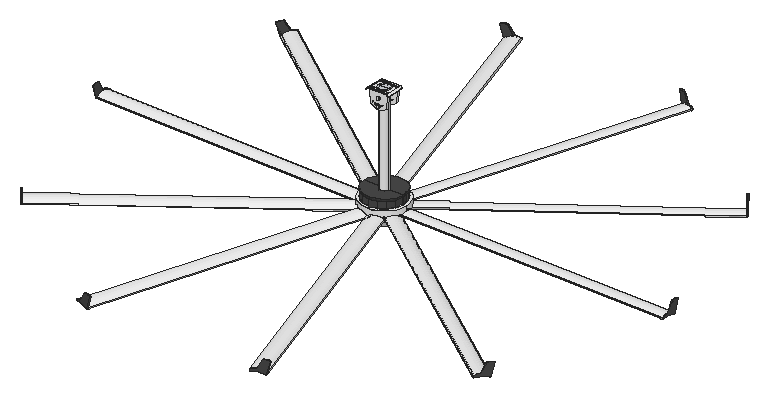
Revit family
Parameters
  Ceiling Mount Material = none
Reference planes (in)
  plane 1 "Center (Front/Back)": y = 0
  plane 2: z = 0
  plane 3 "Center (Left/Right)": x = 0
  plane 4: through (-0.00011, -0.01486, -47.875) normal (-0.7071, 0.7071, 0)
  plane 5: through (-0.00011, -0.01486, -47.875) normal (-0.7071, -0.7071, 0)
  plane 6: through (-0.00011, -0.01486, -47.875) normal (0.7071, 0.7071, 0)
  plane 7: through (-0.00011, -0.01486, -47.875) normal (0.7071, -0.7071, 0)
  plane 8: through (-0.00011, -0.01486, -47.875) normal (-0.9239, 0.3827, 0)
  plane 9: through (-0.00011, -0.01486, -47.875) normal (-0.9239, -0.3827, 0)
  plane 10: through (-0.00011, -0.01486, -47.875) normal (0.9239, 0.3827, 0)
  plane 11: through (-0.00011, -0.01486, -47.875) normal (0.9239, -0.3827, 0)
  plane 12: through (-0.00011, -0.01486, -47.875) normal (-0.3827, 0.9239, 0)
  plane 13: through (-0.00011, -0.01486, -47.875) normal (0.3827, 0.9239, 0)
  plane 14: through (-0.00011, -0.01486, -47.875) normal (-0.3827, -0.9239, 0)
  plane 15: through (-0.00011, -0.01486, -47.875) normal (0.3827, -0.9239, 0)
Forms (in)
  Revolve 1, solid, material <- "Ceiling Mount Material"
    sketch origin (-0.00011, -0.01486, -96) x (1, 0, 0) y (0, 0, 1)
      loop
        line (0, 96) -> (-2.40625, 96) -> (-2.40625, 94.72313) -> (0, 93.60108) -> (0, 96)
      axis (0, 96) -> (0, 93.60108)
    angle from 0 to 360
  Extrusion 2, solid, material "Metal - Chrome"
    sketch origin (-0.00011, -0.01486, -95.875) x (1, 0, 0) y (0, 1, 0)
      loop
        circle (0, 0) r 9.5
      loop
        circle (0, 0) r 8.5
    from 50.92047 to 53.3206
  Extrusion 3, solid, material "Metal - Chrome 3"
    sketch origin (-0.00011, -0.01486, -95.875) x (1, 0, 0) y (0, 1, 0)
      loop
        circle (0, 0) r 7
      loop
        line (-8.21166, 0) -> (-7.00909, -2.90326) -> (-7.58658, -3.14246) -> (-5.36452, -5.36452) -> (-5.80652, -5.80652) -> (-2.90326, -7.00909) -> (-3.14246, -7.58658) -> (0, -7.58658) -> (0, -8.21166) -> (2.90326, -7.00909) -> (3.14246, -7.58658) -> (5.36452, -5.36452) -> (5.80652, -5.80652) -> (7.00909, -2.90326) -> (7.58658, -3.14246) -> (7.58658, 0) -> (8.21166, 0) -> (7.00909, 2.90326) -> (7.58658, 3.14246) -> (5.36452, 5.36452) -> (5.80652, 5.80652) -> (2.90326, 7.00909) -> (3.14246, 7.58658) -> (0, 7.58658) -> (0, 8.21166) -> (-2.90326, 7.00909) -> (-3.14246, 7.58658) -> (-5.36452, 5.36452) -> (-5.83363, 5.83363) -> (-7.00909, 2.90326) -> (-7.58658, 3.14246) -> (-7.58658, 0) -> (-8.21166, 0)
    from 53.3206 to 56.42047
  Revolve 4, solid, material "Metal - Chrome 1"
    sketch origin (-0.00011, -0.01486, -95.875) x (1, 0, 0) y (0, 0, 1)
      loop
        arc (-9.5, 49.14541) -> (-5.43697, 45.34356) -> (-0.01159, 44.10761) r 10.65771
        line (-0.01159, 44.10761) -> (-0.01159, 49.14541) -> (-9.5, 49.14541)
      axis (0, 49.14541) -> (0, 44.10761)
    angle from 0 to 360
  Revolve 5, solid, material "Metal - Chrome 3"
    sketch origin (-0.00011, -0.01486, -95.9375) x (1, 0, 0) y (0, 0, 1)
      loop
        line (-3.2881, 44.56611) -> (-3.2881, 44.37399) -> (-2.75325, 44.37399)
        arc (-2.75325, 44.37399) -> (-1.39585, 44.04374) -> (0, 43.98704) r 7.06499
        line (0, 43.98704) -> (0, 44.56611) -> (-3.2881, 44.56611)
      axis (0, 44.56611) -> (0, 43.98704)
    angle from 0 to 360
  Revolve 6, solid, material "Metal - Chrome 3"
    sketch origin (-0.00011, -0.01486, -95.875) x (1, 0, 0) y (0, 0, 1)
      loop
        line (-8.0625, 56.47507) -> (0, 56.47507) -> (0, 57.12611) -> (-8.48529, 57.12611)
        arc (-8.48529, 57.12611) -> (-8.38748, 56.72683) -> (-8.0625, 56.47507) r 0.62391
      axis (0, 57.12611) -> (0, 56.47507)
    angle from 0 to 360
  Extrusion 7, solid, material "Metal - Chrome 2"
    sketch origin (-0.00011, -0.01486, -96) x (1, 0, 0) y (0, 1, 0)
      loop
        circle (0, 0) r 2
      loop
        circle (0, 0) r 1.75
    from 53.3206 to 95.78091
  Extrusion 8, solid, material "Metal - Chrome 2"
    sketch origin (-0.00011, -0.01486, -96) x (1, 0, 0) y (0, 0, 1)
      loop
        line (-4.80927, 95.25058) -> (-4.63249, 95.0738) -> (-3.92538, 95.78091) -> (3.94629, 95.78091) -> (4.64295, 95.08425) -> (4.81972, 95.26103) -> (4.08075, 96) -> (-4.05984, 96) -> (-4.80927, 95.25058)
    from -3.60387 to 3.73167
  Extrusion 9, solid, material "Metal - Chrome 2"
    sketch origin (-0.00011, -0.01486, -96) x (1, 0, 0) y (0, 0, 1)
      loop
        line (-3.97662, 96) -> (-3.97662, 94.75) -> (-3.37771, 89.87223)
        arc (-3.37771, 89.87223) -> (-0.00678, 88.52676) -> (3.36415, 89.87223) r 4.8955
        line (3.36415, 89.87223) -> (3.94303, 94.58682) -> (3.94303, 96) -> (-3.97662, 96)
      loop
        arc (-1.92245, 91.01505) -> (-2.32161, 90.98032) -> (-2.28376, 90.58144) r 0.28222
        arc (-2.28376, 90.58144) -> (0.0022, 89.65625) -> (2.28692, 90.58451) r 3.28125
        arc (2.28692, 90.58451) -> (2.31915, 90.9574) -> (1.95474, 91.04279) r 0.28596
        arc (1.95474, 91.04279) -> (0.02129, 90.31067) -> (-1.92245, 91.01505) r 2.97538
    from 2.4684 to 3.00597
  Extrusion 10, solid, material "Metal - Chrome 2"
    sketch origin (-0.00011, -0.01486, -96) x (1, 0, 0) y (0, 0, 1)
      loop
        line (-3.97662, 96) -> (-3.97662, 94.75) -> (-3.37771, 89.87223)
        arc (-3.37771, 89.87223) -> (-0.00678, 88.52676) -> (3.36415, 89.87223) r 4.8955
        line (3.36415, 89.87223) -> (3.94303, 94.58682) -> (3.94303, 96) -> (-3.97662, 96)
      loop
        arc (-1.92245, 91.01505) -> (-2.32161, 90.98032) -> (-2.28376, 90.58144) r 0.28222
        arc (-2.28376, 90.58144) -> (0.0022, 89.65625) -> (2.28692, 90.58451) r 3.28125
        arc (2.28692, 90.58451) -> (2.31915, 90.9574) -> (1.95474, 91.04279) r 0.28596
        arc (1.95474, 91.04279) -> (0.02129, 90.31067) -> (-1.92245, 91.01505) r 2.97538
    from -2.96317 to -2.45815
  Extrusion 11, solid, material "Metal - Chrome 2"
    sketch origin (-0.00011, -0.01486, -96) x (1, 0, 0) y (0, 0, 1)
      loop
        circle (0, 89.91168) r 0.60835
    from -3.36965 to -2.96317
  Extrusion 12, solid, material "Metal - Chrome 2"
    sketch origin (-0.00011, -0.01486, -92.96875) x (1, 0, 0) y (0, 0, 1)
      loop
        circle (0, 89.91168) r 0.60835
    from -3.36965 to -2.96317
  Extrusion 13, solid, material "Metal - Chrome 2"
    sketch origin (-0.00011, -0.01486, -92.96875) x (1, 0, 0) y (0, 0, 1)
      loop
        circle (0, 89.91168) r 0.60835
    from 3.00597 to 3.44198
  Extrusion 14, solid, material "Metal - Chrome 2"
    sketch origin (-0.00011, -0.01486, -96) x (1, 0, 0) y (0, 0, 1)
      loop
        circle (0, 89.91168) r 0.60835
    from 3.00597 to 3.44198
  Extrusion 15, solid
    sketch origin (-0.00011, -0.01486, -96) x (1, 0, 0) y (0, 0, 1)
      loop
        circle (0, 89.91168) r 0.25
    from -2.45815 to 2.4684
  Extrusion 16, solid
    sketch origin (-0.00011, -0.01486, -92.96875) x (1, 0, 0) y (0, 0, 1)
      loop
        circle (0, 89.91168) r 0.25
    from -2.45815 to 2.4684
  Extrusion 17, solid, material "Metal - Chrome 2"
    sketch origin (-4.12778, -32.54366, -95.875) x (-0.007506, -0.999972, 0) y (0, 0, 1)
      loop
        arc (-29.27109, 49.75227) -> (-29.04889, 49.89467) -> (-29.10156, 50.15328) r 0.23339
        arc (-29.10156, 50.15328) -> (-31.98284, 51.54192) -> (-35.12337, 50.93595) r 5.08611
        arc (-35.12337, 50.93595) -> (-35.22188, 50.63788) -> (-34.93368, 50.51341) r 0.23249
        arc (-34.93368, 50.51341) -> (-32.0514, 50.51215) -> (-29.27109, 49.75227) r 10.85332
    from 3.88785 to 117.80619
  Extrusion 18, solid, material "Metal - Chrome 3"
    sketch origin (-51.64307, 0.4552, -95.875) x (0, -1, 0) y (0, 0, 1)
      loop
        arc (-0.58433, 51.5841) -> (-1.84289, 51.41328) -> (-3.01989, 50.93595) r 5.08611
        arc (-3.01989, 50.93595) -> (-3.1184, 50.63788) -> (-2.8302, 50.51341) r 0.23249
        arc (-2.8302, 50.51341) -> (0.05208, 50.51215) -> (2.83239, 49.75227) r 10.85332
        arc (2.83239, 49.75227) -> (3.03144, 49.85147) -> (3.02967, 50.07387) r 0.20994
        line (3.02967, 50.07387) -> (4.50284, 55.21142)
        arc (4.50284, 55.21142) -> (3.15266, 55.51968) -> (1.7679, 55.49887) r 5.79641
        line (1.7679, 55.49887) -> (-0.58433, 51.5841)
    from 70 to 70.35704
  Extrusion 19, solid, material "Metal - Chrome 2"
    sketch origin (-22.42573, -23.94552, -95.875) x (-0.592633, -0.805473, 0) y (0, 0, 1)
      loop
        arc (-29.27109, 49.75227) -> (-29.04889, 49.89467) -> (-29.10156, 50.15328) r 0.23339
        arc (-29.10156, 50.15328) -> (-31.98284, 51.54192) -> (-35.12337, 50.93595) r 5.08611
        arc (-35.12337, 50.93595) -> (-35.22188, 50.63788) -> (-34.93368, 50.51341) r 0.23249
        arc (-34.93368, 50.51341) -> (-32.0514, 50.51215) -> (-29.27109, 49.75227) r 10.85332
    from 3.88785 to 117.80619
  Extrusion 20, solid, material "Metal - Chrome 3"
    sketch origin (-41.55215, 30.65126, -95.875) x (-0.58657, -0.809898, 0) y (0, 0, 1)
      loop
        arc (-0.58433, 51.5841) -> (-1.84289, 51.41328) -> (-3.01989, 50.93595) r 5.08611
        arc (-3.01989, 50.93595) -> (-3.1184, 50.63788) -> (-2.8302, 50.51341) r 0.23249
        arc (-2.8302, 50.51341) -> (0.05208, 50.51215) -> (2.83239, 49.75227) r 10.85332
        arc (2.83239, 49.75227) -> (3.03144, 49.85147) -> (3.02967, 50.07387) r 0.20994
        line (3.02967, 50.07387) -> (4.50284, 55.21142)
        arc (4.50284, 55.21142) -> (3.15266, 55.51968) -> (1.7679, 55.49887) r 5.79641
        line (1.7679, 55.49887) -> (-0.58433, 51.5841)
    from 70 to 70.35704
  Extrusion 21, solid, material "Metal - Chrome 2"
    sketch origin (-32.2018, -6.24887, -95.875) x (-0.952439, -0.304731, 0) y (0, 0, 1)
      loop
        arc (-29.27109, 49.75227) -> (-29.04889, 49.89467) -> (-29.10156, 50.15328) r 0.23339
        arc (-29.10156, 50.15328) -> (-31.98284, 51.54192) -> (-35.12337, 50.93595) r 5.08611
        arc (-35.12337, 50.93595) -> (-35.22188, 50.63788) -> (-34.93368, 50.51341) r 0.23249
        arc (-34.93368, 50.51341) -> (-32.0514, 50.51215) -> (-29.27109, 49.75227) r 10.85332
    from 3.88785 to 117.80619
  Extrusion 22, solid, material "Metal - Chrome 3"
    sketch origin (-15.66741, 49.18796, -95.875) x (-0.950124, -0.311871, 0) y (0, 0, 1)
      loop
        arc (-0.58433, 51.5841) -> (-1.84289, 51.41328) -> (-3.01989, 50.93595) r 5.08611
        arc (-3.01989, 50.93595) -> (-3.1184, 50.63788) -> (-2.8302, 50.51341) r 0.23249
        arc (-2.8302, 50.51341) -> (0.05208, 50.51215) -> (2.83239, 49.75227) r 10.85332
        arc (2.83239, 49.75227) -> (3.03144, 49.85147) -> (3.02967, 50.07387) r 0.20994
        line (3.02967, 50.07387) -> (4.50284, 55.21142)
        arc (4.50284, 55.21142) -> (3.15266, 55.51968) -> (1.7679, 55.49887) r 5.79641
        line (1.7679, 55.49887) -> (-0.58433, 51.5841)
    from 70 to 70.35704
  Extrusion 23, solid, material "Metal - Chrome 2"
    sketch origin (-29.73909, 13.81797, -95.875) x (-0.950124, 0.311871, 0) y (0, 0, 1)
      loop
        arc (-29.27109, 49.75227) -> (-29.04889, 49.89467) -> (-29.10156, 50.15328) r 0.23339
        arc (-29.10156, 50.15328) -> (-31.98284, 51.54192) -> (-35.12337, 50.93595) r 5.08611
        arc (-35.12337, 50.93595) -> (-35.22188, 50.63788) -> (-34.93368, 50.51341) r 0.23249
        arc (-34.93368, 50.51341) -> (-32.0514, 50.51215) -> (-29.27109, 49.75227) r 10.85332
    from 3.88785 to 117.80619
  Extrusion 24, solid, material "Metal - Chrome 3"
    sketch origin (16.16967, 49.0176, -95.875) x (-0.952439, 0.304731, 0) y (0, 0, 1)
      loop
        arc (-0.58433, 51.5841) -> (-1.84289, 51.41328) -> (-3.01989, 50.93595) r 5.08611
        arc (-3.01989, 50.93595) -> (-3.1184, 50.63788) -> (-2.8302, 50.51341) r 0.23249
        arc (-2.8302, 50.51341) -> (0.05208, 50.51215) -> (2.83239, 49.75227) r 10.85332
        arc (2.83239, 49.75227) -> (3.03144, 49.85147) -> (3.02967, 50.07387) r 0.20994
        line (3.02967, 50.07387) -> (4.50284, 55.21142)
        arc (4.50284, 55.21142) -> (3.15266, 55.51968) -> (1.7679, 55.49887) r 5.79641
        line (1.7679, 55.49887) -> (-0.58433, 51.5841)
    from 70 to 70.35704
  Extrusion 25, solid, material "Metal - Chrome 2"
    sketch origin (-15.97395, 28.62552, -95.875) x (-0.58657, 0.809898, 0) y (0, 0, 1)
      loop
        arc (-29.27109, 49.75227) -> (-29.04889, 49.89467) -> (-29.10156, 50.15328) r 0.23339
        arc (-29.10156, 50.15328) -> (-31.98284, 51.54192) -> (-35.12337, 50.93595) r 5.08611
        arc (-35.12337, 50.93595) -> (-35.22188, 50.63788) -> (-34.93368, 50.51341) r 0.23249
        arc (-34.93368, 50.51341) -> (-32.0514, 50.51215) -> (-29.27109, 49.75227) r 10.85332
    from 3.88785 to 117.80619
  Extrusion 26, solid, material "Metal - Chrome 3"
    sketch origin (41.85454, 30.20494, -95.875) x (-0.592633, 0.805473, 0) y (0, 0, 1)
      loop
        arc (-0.58433, 51.5841) -> (-1.84289, 51.41328) -> (-3.01989, 50.93595) r 5.08611
        arc (-3.01989, 50.93595) -> (-3.1184, 50.63788) -> (-2.8302, 50.51341) r 0.23249
        arc (-2.8302, 50.51341) -> (0.05208, 50.51215) -> (2.83239, 49.75227) r 10.85332
        arc (2.83239, 49.75227) -> (3.03144, 49.85147) -> (3.02967, 50.07387) r 0.20994
        line (3.02967, 50.07387) -> (4.50284, 55.21142)
        arc (4.50284, 55.21142) -> (3.15266, 55.51968) -> (1.7679, 55.49887) r 5.79641
        line (1.7679, 55.49887) -> (-0.58433, 51.5841)
    from 70 to 70.35704
  Extrusion 27, solid, material "Metal - Chrome 2"
    sketch origin (3.8601, 32.54392, -95.875) x (0, 1, 0) y (0, 0, 1)
      loop
        arc (-29.27109, 49.75227) -> (-29.04889, 49.89467) -> (-29.10156, 50.15328) r 0.23339
        arc (-29.10156, 50.15328) -> (-31.98284, 51.54192) -> (-35.12337, 50.93595) r 5.08611
        arc (-35.12337, 50.93595) -> (-35.22188, 50.63788) -> (-34.93368, 50.51341) r 0.23249
        arc (-34.93368, 50.51341) -> (-32.0514, 50.51215) -> (-29.27109, 49.75227) r 10.85332
    from 3.88785 to 117.80619
  Extrusion 28, solid, material "Metal - Chrome 3"
    sketch origin (51.62174, -0.09738, -95.875) x (-0.007506, 0.999972, 0) y (0, 0, 1)
      loop
        arc (-0.58433, 51.5841) -> (-1.84289, 51.41328) -> (-3.01989, 50.93595) r 5.08611
        arc (-3.01989, 50.93595) -> (-3.1184, 50.63788) -> (-2.8302, 50.51341) r 0.23249
        arc (-2.8302, 50.51341) -> (0.05208, 50.51215) -> (2.83239, 49.75227) r 10.85332
        arc (2.83239, 49.75227) -> (3.03144, 49.85147) -> (3.02967, 50.07387) r 0.20994
        line (3.02967, 50.07387) -> (4.50284, 55.21142)
        arc (4.50284, 55.21142) -> (3.15266, 55.51968) -> (1.7679, 55.49887) r 5.79641
        line (1.7679, 55.49887) -> (-0.58433, 51.5841)
    from 70 to 70.35704
  Extrusion 29, solid, material "Metal - Chrome 2"
    sketch origin (22.22207, 24.08336, -95.875) x (0.58657, 0.809898, 0) y (0, 0, 1)
      loop
        arc (-29.27109, 49.75227) -> (-29.04889, 49.89467) -> (-29.10156, 50.15328) r 0.23339
        arc (-29.10156, 50.15328) -> (-31.98284, 51.54192) -> (-35.12337, 50.93595) r 5.08611
        arc (-35.12337, 50.93595) -> (-35.22188, 50.63788) -> (-34.93368, 50.51341) r 0.23249
        arc (-34.93368, 50.51341) -> (-32.0514, 50.51215) -> (-29.27109, 49.75227) r 10.85332
    from 3.88785 to 117.80619
  Extrusion 30, solid, material "Metal - Chrome 3"
    sketch origin (41.75774, -30.36832, -95.875) x (0.580475, 0.814278, 0) y (0, 0, 1)
      loop
        arc (-0.58433, 51.5841) -> (-1.84289, 51.41328) -> (-3.01989, 50.93595) r 5.08611
        arc (-3.01989, 50.93595) -> (-3.1184, 50.63788) -> (-2.8302, 50.51341) r 0.23249
        arc (-2.8302, 50.51341) -> (0.05208, 50.51215) -> (2.83239, 49.75227) r 10.85332
        arc (2.83239, 49.75227) -> (3.03144, 49.85147) -> (3.02967, 50.07387) r 0.20994
        line (3.02967, 50.07387) -> (4.50284, 55.21142)
        arc (4.50284, 55.21142) -> (3.15266, 55.51968) -> (1.7679, 55.49887) r 5.79641
        line (1.7679, 55.49887) -> (-0.58433, 51.5841)
    from 70 to 70.35704
  Extrusion 31, solid, material "Metal - Chrome 2"
    sketch origin (32.13069, 6.46058, -95.875) x (0.950124, 0.311871, 0) y (0, 0, 1)
      loop
        arc (-29.27109, 49.75227) -> (-29.04889, 49.89467) -> (-29.10156, 50.15328) r 0.23339
        arc (-29.10156, 50.15328) -> (-31.98284, 51.54192) -> (-35.12337, 50.93595) r 5.08611
        arc (-35.12337, 50.93595) -> (-35.22188, 50.63788) -> (-34.93368, 50.51341) r 0.23249
        arc (-34.93368, 50.51341) -> (-32.0514, 50.51215) -> (-29.27109, 49.75227) r 10.85332
    from 3.88785 to 117.80619
  Extrusion 32, solid, material "Metal - Chrome 3"
    sketch origin (16.01287, -49.09879, -95.875) x (0.947757, 0.318994, 0) y (0, 0, 1)
      loop
        arc (-0.58433, 51.5841) -> (-1.84289, 51.41328) -> (-3.01989, 50.93595) r 5.08611
        arc (-3.01989, 50.93595) -> (-3.1184, 50.63788) -> (-2.8302, 50.51341) r 0.23249
        arc (-2.8302, 50.51341) -> (0.05208, 50.51215) -> (2.83239, 49.75227) r 10.85332
        arc (2.83239, 49.75227) -> (3.03144, 49.85147) -> (3.02967, 50.07387) r 0.20994
        line (3.02967, 50.07387) -> (4.50284, 55.21142)
        arc (4.50284, 55.21142) -> (3.15266, 55.51968) -> (1.7679, 55.49887) r 5.79641
        line (1.7679, 55.49887) -> (-0.58433, 51.5841)
    from 70 to 70.35704
  Extrusion 33, solid, material "Metal - Chrome 2"
    sketch origin (29.81868, -13.62418, -95.875) x (0.952439, -0.304731, 0) y (0, 0, 1)
      loop
        arc (-29.27109, 49.75227) -> (-29.04889, 49.89467) -> (-29.10156, 50.15328) r 0.23339
        arc (-29.10156, 50.15328) -> (-31.98284, 51.54192) -> (-35.12337, 50.93595) r 5.08611
        arc (-35.12337, 50.93595) -> (-35.22188, 50.63788) -> (-34.93368, 50.51341) r 0.23249
        arc (-34.93368, 50.51341) -> (-32.0514, 50.51215) -> (-29.27109, 49.75227) r 10.85332
    from 3.88785 to 117.80619
  Extrusion 34, solid, material "Metal - Chrome 3"
    sketch origin (-15.82459, -49.1674, -95.875) x (0.954699, -0.297573, 0) y (0, 0, 1)
      loop
        arc (-0.58433, 51.5841) -> (-1.84289, 51.41328) -> (-3.01989, 50.93595) r 5.08611
        arc (-3.01989, 50.93595) -> (-3.1184, 50.63788) -> (-2.8302, 50.51341) r 0.23249
        arc (-2.8302, 50.51341) -> (0.05208, 50.51215) -> (2.83239, 49.75227) r 10.85332
        arc (2.83239, 49.75227) -> (3.03144, 49.85147) -> (3.02967, 50.07387) r 0.20994
        line (3.02967, 50.07387) -> (4.50284, 55.21142)
        arc (4.50284, 55.21142) -> (3.15266, 55.51968) -> (1.7679, 55.49887) r 5.79641
        line (1.7679, 55.49887) -> (-0.58433, 51.5841)
    from 70 to 70.35704
  Extrusion 35, solid, material "Metal - Chrome 2"
    sketch origin (16.16506, -28.53463, -95.875) x (0.592633, -0.805473, 0) y (0, 0, 1)
      loop
        arc (-29.27109, 49.75227) -> (-29.04889, 49.89467) -> (-29.10156, 50.15328) r 0.23339
        arc (-29.10156, 50.15328) -> (-31.98284, 51.54192) -> (-35.12337, 50.93595) r 5.08611
        arc (-35.12337, 50.93595) -> (-35.22188, 50.63788) -> (-34.93368, 50.51341) r 0.23249
        arc (-34.93368, 50.51341) -> (-32.0514, 50.51215) -> (-29.27109, 49.75227) r 10.85332
    from 3.88785 to 117.80619
  Extrusion 36, solid, material "Metal - Chrome 3"
    sketch origin (-41.64995, -30.54806, -95.875) x (0.598662, -0.801002, 0) y (0, 0, 1)
      loop
        arc (-0.58433, 51.5841) -> (-1.84289, 51.41328) -> (-3.01989, 50.93595) r 5.08611
        arc (-3.01989, 50.93595) -> (-3.1184, 50.63788) -> (-2.8302, 50.51341) r 0.23249
        arc (-2.8302, 50.51341) -> (0.05208, 50.51215) -> (2.83239, 49.75227) r 10.85332
        arc (2.83239, 49.75227) -> (3.03144, 49.85147) -> (3.02967, 50.07387) r 0.20994
        line (3.02967, 50.07387) -> (4.50284, 55.21142)
        arc (4.50284, 55.21142) -> (3.15266, 55.51968) -> (1.7679, 55.49887) r 5.79641
        line (1.7679, 55.49887) -> (-0.58433, 51.5841)
    from 70 to 70.35704
  Extrusion 37, solid, material "Metal - Chrome 3"
    sketch origin (-0.00011, -0.01486, -97.625) x (1, 0, 0) y (0, 1, 0)
      loop
        circle (0, 0) r 9.5
      loop
        circle (0, 0) r 8.5
    from 50.89541 to 52.67047
  Extrusion 38, solid, material "Metal - Chrome 2", not visible
    sketch origin (-4.12778, -32.54366, -43.92454) x (-0.007506, -0.999972, 0) y (0, 0, 1)
      loop
        arc (-29.27109, 49.75227) -> (-29.04889, 49.89467) -> (-29.10156, 50.15328) r 0.23339
        arc (-29.10156, 50.15328) -> (-31.98284, 51.54192) -> (-35.12337, 50.93595) r 5.08611
        arc (-35.12337, 50.93595) -> (-35.22188, 50.63788) -> (-34.93368, 50.51341) r 0.23249
        arc (-34.93368, 50.51341) -> (-32.0514, 50.51215) -> (-29.27109, 49.75227) r 10.85332
    from 3.88785 to 117.80619
  Extrusion 39, solid, material "Metal - Chrome 3", not visible
    sketch origin (-51.64307, 0.4552, -43.92454) x (0, -1, 0) y (0, 0, 1)
      loop
        arc (-0.58433, 51.5841) -> (-1.84289, 51.41328) -> (-3.01989, 50.93595) r 5.08611
        arc (-3.01989, 50.93595) -> (-3.1184, 50.63788) -> (-2.8302, 50.51341) r 0.23249
        arc (-2.8302, 50.51341) -> (0.05208, 50.51215) -> (2.83239, 49.75227) r 10.85332
        arc (2.83239, 49.75227) -> (3.03144, 49.85147) -> (3.02967, 50.07387) r 0.20994
        line (3.02967, 50.07387) -> (4.50284, 55.21142)
        arc (4.50284, 55.21142) -> (3.15266, 55.51968) -> (1.7679, 55.49887) r 5.79641
        line (1.7679, 55.49887) -> (-0.58433, 51.5841)
    from 70 to 70.35704
Dimensions and locks (in)
  aligned and locked: plane 2 to level
Connectors (in)
  electrical at (0.01034, -0.07876, 0)
    settings: on Extrusion 8, index 1, voltage 0 V, apparent load 0 VA, apparent load phase1 0 VA, apparent load phase2 0 VA, apparent load phase3 0 VA, power factor 1, load classification "Other", number of poles 1, system type 31, power factor state 1, is connector primary yes, connector utility no, sub classification motor no, connector description ""
